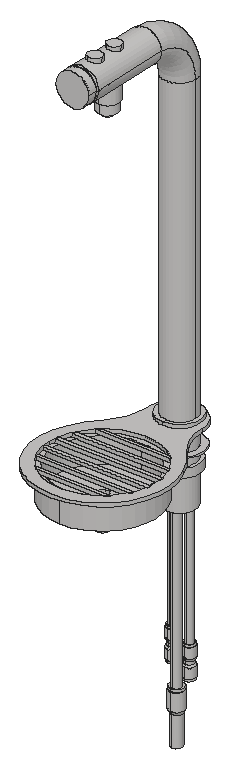
Revit family "QF_Marco_1000869_Friia-2B-305", category Specialty Equipment, Revit 2019
Family settings
  Round Connector Dimension = Use Diameter
  Part Type = Normal
  Work Plane-Based = No
  Always vertical = Yes
  Cut with Voids When Loaded = No
  Shared = No
  Room Calculation Point = No
Parameters
  Weight in Pounds = 0
  Waste Water Discharge Temperature = -459.67 °F
  URL Cutsheet = ""
  Specification by User = ""
  Specification by Manufacturer = ""
  Serial Number = ""
  Seismic Rating = ""
  SMACNA No = ""
  Revision Code = ""
  Plumbing Remarks = ""
  Plumbing Connection Type = ""
  NAFEM Spec ID Number = ""
  Model = "1000869"
  Masterspec = ""
  Manufacturer = "Marco"
  Length = 4.750"
  Item Number = ""
  Installed By = ""
  Indirect Waste Size = 0"
  Indirect Waste Flow = 0 GPM
  Indirect Waste Connection Type = ""
  Indirect Waste Connection Height = 0.000"
  Identify Quantity as Lot = yes
  Hot Water Temperature = -459.67 °F
  Hot Water Size = 0"
  Hot Water RI Height = 0.000"
  Hot Water Minimum Pressure = 0.00 psi
  Hot Water Maximum Pressure = 0.00 psi
  Hot Water Flow = 0 GPM
  Hot Water Consumption = 0 GPM
  Hot Water Connection Height = 0.000"
  Height = 13.386"
  Furnished By = ""
  Foodservice Equipment Identifier = yes
  Description = "Friia 2b 305"
  Depth = 5.433"
  Cold Water Temperature Recommended = -459.67 °F
  Cold Water Size = 0"
  Cold Water RI Height = 0.000"
  Cold Water Minimum Pressure = 0.00 psi
  Cold Water Maximum Pressure = 0.00 psi
  Cold Water Flow = 0 GPM
  Cold Water Consumption = ""
  Cold Water Connection Height = 0.000"
  CSI MasterFormat = ""
Reference planes (in)
  plane 1 "BACK": y = 0
  plane 2: z = 0
  plane 3 "LEFT": x = 0
  plane 4 "RIGHT": x = 4.75
  plane 5 "FRONT": y = -5.433
  plane 6 "TOP": z = 13.386
  plane 7 "Center Y": x = 2.375
  plane 8 "Center X": y = -2.7165
  plane 9: y = -5.76772
  plane 10: y = -1.90945
  plane 11: x = 0.44587
  plane 12: x = 4.30413
Forms (in)
  Extrusion 1, solid, material "QF_Metal - Stainless - Polished"
    sketch origin (0, 0, 0) x (1, 0, 0) y (0, 1, 0)
      loop
        arc (3.37894, -0.82677) -> (2.375, 0.17717) -> (1.37106, -0.82677) r 1.00394
        arc (1.37106, -0.82677) -> (1.24474, -1.52058) -> (0.88199, -2.12535) r 1.9685
        arc (0.88199, -2.12535) -> (0.54164, -2.5707) -> (0.26467, -3.058) r 4.13386
        arc (0.26467, -3.058) -> (2.375, -6.41732) -> (4.48533, -3.058) r 2.34252
        arc (4.48533, -3.058) -> (4.20836, -2.5707) -> (3.86801, -2.12535) r 4.13386
        arc (3.86801, -2.12535) -> (3.50526, -1.52058) -> (3.37894, -0.82677) r 1.9685
      loop
        circle (2.375, -4.0748) r 1.92913
    from 0 to 0.125
  Extrusion 2, solid, material "QF_Metal - Stainless - Polished"
    sketch origin (0, 0, 0) x (0, 1, 0) y (1, 0, 0)
      loop
        circle (-4.0748, 2.375) r 1.75
      loop
        circle (-4.0748, 2.375) r 1.92913
    from 0 to 1.02362
  Extrusion 3, solid, material "QF_Metal - Stainless - Polished"
    sketch origin (0, 0, 0) x (0, 1, 0) y (-1, 0, 0)
      loop
        line (-2.7165, -1.00512) -> (-2.7165, -3.74488)
        arc (-2.7165, -3.74488) -> (-2.65236, -3.67816) -> (-2.5915, -3.60844) r 1.92913
        line (-2.5915, -3.60844) -> (-2.5915, -1.14156)
        arc (-2.5915, -1.14156) -> (-2.65236, -1.07184) -> (-2.7165, -1.00512) r 1.92913
      loop
        arc (-5.43311, -1.00512) -> (-5.49724, -1.07184) -> (-5.55811, -1.14156) r 1.92913
        line (-5.55811, -1.14156) -> (-5.55811, -3.60844)
        arc (-5.55811, -3.60844) -> (-5.49724, -3.67816) -> (-5.43311, -3.74488) r 1.92913
        line (-5.43311, -3.74488) -> (-5.43311, -1.00512)
      loop
        line (-3.28733, -0.61391) -> (-3.28733, -4.13609)
        arc (-3.28733, -4.13609) -> (-3.22428, -4.10652) -> (-3.16233, -4.07469) r 1.92913
        line (-3.16233, -4.07469) -> (-3.16233, -0.67531)
        arc (-3.16233, -0.67531) -> (-3.22428, -0.64348) -> (-3.28733, -0.61391) r 1.92913
      loop
        line (-3.85816, -0.45807) -> (-3.85816, -4.29193)
        arc (-3.85816, -4.29193) -> (-3.79551, -4.28381) -> (-3.73316, -4.27364) r 1.92913
        line (-3.73316, -4.27364) -> (-3.73316, -0.47636)
        arc (-3.73316, -0.47636) -> (-3.79551, -0.46619) -> (-3.85816, -0.45807) r 1.92913
      loop
        arc (-4.86228, -0.61391) -> (-4.92533, -0.64348) -> (-4.98728, -0.67531) r 1.92913
        line (-4.98728, -0.67531) -> (-4.98728, -4.07469)
        arc (-4.98728, -4.07469) -> (-4.92533, -4.10652) -> (-4.86228, -4.13609) r 1.92913
        line (-4.86228, -4.13609) -> (-4.86228, -0.61391)
      loop
        arc (-4.29144, -0.45807) -> (-4.35409, -0.46619) -> (-4.41644, -0.47636) r 1.92913
        line (-4.41644, -0.47636) -> (-4.41644, -4.27364)
        arc (-4.41644, -4.27364) -> (-4.35409, -4.28381) -> (-4.29144, -4.29193) r 1.92913
        line (-4.29144, -4.29193) -> (-4.29144, -0.45807)
    from 0 to 0.125
  Extrusion 4, solid, material "QF_Metal - Stainless - Polished"
    sketch origin (0, 0, -1.02362) x (-1, 0, 0) y (0, 1, 0)
      loop
        circle (-2.375, -4.0748) r 1.75
      loop
        circle (-2.375, -4.0748) r 0.22688
    from 0 to -0.125
  Revolve 5, solid, material "QF_Metal - Stainless - Polished"
    sketch origin (2.375, 6.90541, 48) x (0, 1, 0) y (0, 0, 1)
      loop
        line (-7.49596, -48) -> (-8.07366, -48) -> (-8.07366, -48.7874) -> (-8.32273, -48.7874) -> (-8.32273, -48.82677) -> (-8.07366, -48.82677) -> (-8.07366, -49.22047) -> (-8.20462, -49.22047) -> (-8.20462, -49.53543) -> (-8.07866, -49.53543) -> (-8.07866, -50.71654) -> (-7.49596, -50.71654) -> (-7.49596, -48)
      loop
        line (-7.49596, -47.875) -> (-7.49596, -47.76378) -> (-8.24399, -47.76378) -> (-8.24399, -47.875) -> (-7.49596, -47.875)
      axis (-7.49596, -47.76378) -> (-7.49596, -50.71654)
    angle from 0 to 360
  Extrusion 6, solid, material "QF_Metal - Stainless - Polished"
    sketch origin (2.375, -0.59055, -2.71654) x (-1, 0, 0) y (0, 1, 0)
      loop
        circle (0.30173, 0.04483) r 0.10139
      loop
        circle (-0.30173, 0.04483) r 0.10139
    from 0 to 0.125
  Sweep 7, solid, material "QF_Metal - Stainless - Polished"
    path origin (4.75, 6.90541, 47.92605) x (0, 1, 0) y (0, 0, 1)
      loop
        arc (-9.07076, -35.1256) -> (-7.95721, -35.58685) -> (-7.49596, -36.7004) r 1.5748
        line (-7.49596, -36.7004) -> (-7.49596, -48)
    profile origin (4.75, -0.59055, 5.57585) x (1, 0, 0) y (0, 1, 0)
      loop
        circle (-2.375, 0) r 0.59055
  Extrusion 8, solid, material "QF_Metal - Stainless - Polished"
    sketch origin (4.75, -2.16535, 12.80045) x (0, 0, -1) y (1, 0, 0)
      loop
        circle (0, -2.375) r 0.59055
    from 0 to 2.83465
  Extrusion 9, solid, material "QF_Metal - Stainless - Polished"
    sketch origin (4.75, -5, 12.80045) x (0, 0, -1) y (1, 0, 0)
      loop
        circle (0, -2.375) r 0.59055
    from 0 to 0.11811
  Extrusion 10, solid, material "QF_Metal - Stainless - Polished"
    sketch origin (4.75, -5.11811, 12.80045) x (0, 0, -1) y (1, 0, 0)
      loop
        circle (0, -2.375) r 0.59055
    from 0 to 0.30989
  Revolve 11, solid, material "QF_Metal - Stainless - Polished"
    sketch origin (2.375, 6.90541, 47.92605) x (0, 1, 0) y (0, 0, 1)
      loop
        line (-10.74399, -36.59523) -> (-10.74399, -35.3697) -> (-11.13769, -35.3697) -> (-11.13769, -36.11505) -> (-11.09824, -36.11505) -> (-11.09824, -36.46105) -> (-10.92111, -36.46105) -> (-10.92111, -36.59523) -> (-10.74399, -36.59523)
      axis (-10.74399, -35.3697) -> (-10.74399, -36.59523)
    angle from 0 to 360
  Extrusion 12, solid, material "QF_Metal - Stainless - Polished"
    sketch origin (-38.39759, -180.00677, 13.386) x (-1, 0, 0) y (0, -1, 0)
      loop
        circle (-40.77259, -176.46137) r 0.25
    from -0.09829 to 0.09864
  Extrusion 13, solid, material "QF_Metal - Stainless - Polished"
    sketch origin (-38.39759, -180.87291, 13.386) x (-1, 0, 0) y (0, -1, 0)
      loop
        circle (-40.77259, -176.46137) r 0.25
    from -0.09829 to 0.09864
  Extrusion 14, solid, material "QF_Metal - Stainless - Polished"
    sketch origin (0, 0, -1.02362) x (-1, 0, 0) y (0, 1, 0)
      loop
        circle (-2.375, -4.0748) r 0.22688
    from 0 to 1
  Revolve 15, solid, material "QF_Metal - Stainless - Polished"
    sketch origin (2.07327, -180, -2.84154) x (0, 0, 1) y (0, -1, 0)
      loop
        line (-5.1099, -179.47462) -> (0.125, -179.47462) -> (0.125, -179.34962) -> (-3.9402, -179.34962) -> (-3.9402, -179.27974) -> (-3.99138, -179.27974) -> (-3.99138, -179.326) -> (-4.02504, -179.326) -> (-4.02504, -179.26104) -> (-4.3746, -179.26104) -> (-4.47078, -179.3132) -> (-4.57933, -179.3132) -> (-4.6755, -179.26104) -> (-5.02506, -179.26104) -> (-5.02506, -179.326) -> (-5.05872, -179.326) -> (-5.05872, -179.27974) -> (-5.1099, -179.27974) -> (-5.1099, -179.47462)
      axis (-5.1099, -179.47462) -> (0.125, -179.47462)
    angle from 0 to 360
  Revolve 16, solid, material "QF_Metal - Stainless - Polished"
    sketch origin (2.67673, 0, 0) x (0, 1, 0) y (0, 0, 1)
      loop
        line (-0.52538, -8.32644) -> (-0.52538, -2.71654) -> (-0.65038, -2.71654) -> (-0.65038, -7.15674) -> (-0.72026, -7.15674) -> (-0.72026, -7.20792) -> (-0.674, -7.20792) -> (-0.674, -7.24158) -> (-0.73896, -7.24158) -> (-0.73896, -7.59113) -> (-0.6868, -7.68731) -> (-0.6868, -7.79586) -> (-0.73896, -7.89204) -> (-0.73896, -8.24159) -> (-0.674, -8.24159) -> (-0.674, -8.27526) -> (-0.72026, -8.27526) -> (-0.72026, -8.32644) -> (-0.52538, -8.32644)
      axis (-0.52538, -8.32644) -> (-0.52538, -2.71654)
    angle from 0 to 360
  Revolve 17, solid, material "QF_Metal - Stainless - Polished"
    sketch origin (2.375, 6.90541, 48) x (0, 1, 0) y (0, 0, 1)
      loop
        line (-7.89739, -56.70047) -> (-7.89739, -57.31058) -> (-7.82849, -57.42976) -> (-7.82849, -58.51152) -> (-7.63164, -58.51152) -> (-7.63164, -50.79532) -> (-7.78912, -50.79532) -> (-7.78912, -56.59417) -> (-7.88754, -56.59417) -> (-7.88754, -56.65717) -> (-7.81274, -56.65717) -> (-7.81274, -56.70047) -> (-7.89739, -56.70047)
      axis (-7.63164, -58.51152) -> (-7.63164, -50.79532)
    angle from 0 to 360
  Revolve 18, solid, material "QF_Metal - Stainless - Polished", not visible
    sketch origin (2.07327, -180, -2.84154) x (0, 0, 1) y (0, -1, 0)
      loop
        line (-5.1099, -179.47462) -> (0.125, -179.47462) -> (0.125, -179.34962) -> (-3.9402, -179.34962) -> (-3.9402, -179.27974) -> (-3.99138, -179.27974) -> (-3.99138, -179.326) -> (-4.02504, -179.326) -> (-4.02504, -179.26104) -> (-4.3746, -179.26104) -> (-4.47078, -179.3132) -> (-4.57933, -179.3132) -> (-4.6755, -179.26104) -> (-5.02506, -179.26104) -> (-5.02506, -179.326) -> (-5.05872, -179.326) -> (-5.05872, -179.27974) -> (-5.1099, -179.27974) -> (-5.1099, -179.47462)
      axis (-5.1099, -179.47462) -> (0.125, -179.47462)
    angle from 0 to 360
  Revolve 19, solid, material "QF_Metal - Stainless - Polished", not visible
    sketch origin (2.67673, 0, 0) x (0, 1, 0) y (0, 0, 1)
      loop
        line (-0.52538, -8.32644) -> (-0.52538, -2.71654) -> (-0.65038, -2.71654) -> (-0.65038, -7.15674) -> (-0.72026, -7.15674) -> (-0.72026, -7.20792) -> (-0.674, -7.20792) -> (-0.674, -7.24158) -> (-0.73896, -7.24158) -> (-0.73896, -7.59113) -> (-0.6868, -7.68731) -> (-0.6868, -7.79586) -> (-0.73896, -7.89204) -> (-0.73896, -8.24159) -> (-0.674, -8.24159) -> (-0.674, -8.27526) -> (-0.72026, -8.27526) -> (-0.72026, -8.32644) -> (-0.52538, -8.32644)
      axis (-0.52538, -8.32644) -> (-0.52538, -2.71654)
    angle from 0 to 360
  Revolve 20, solid, material "QF_Metal - Stainless - Polished", not visible
    sketch origin (2.375, 6.90541, 48) x (0, 1, 0) y (0, 0, 1)
      loop
        line (-7.89739, -56.70047) -> (-7.89739, -57.31058) -> (-7.82849, -57.42976) -> (-7.82849, -58.51152) -> (-7.63164, -58.51152) -> (-7.63164, -50.79532) -> (-7.78912, -50.79532) -> (-7.78912, -56.59417) -> (-7.88754, -56.59417) -> (-7.88754, -56.65717) -> (-7.81274, -56.65717) -> (-7.81274, -56.70047) -> (-7.89739, -56.70047)
      axis (-7.63164, -58.51152) -> (-7.63164, -50.79532)
    angle from 0 to 360
Cuts and joins
  joined: Extrusion 1, Revolve 5, Sweep 7
  joined: Extrusion 8, Revolve 11, Extrusion 12, Extrusion 13
Lines and regions (in)
  symbolic lines
    curve 1: arc (1.37106, -0.82677, 0) -> (1.24474, -1.52058, 0) -> (0.88199, -2.12535, 0) r 1.9685
    curve 2: arc (0.88199, -2.12535, 0) -> (0.54164, -2.5707, 0) -> (0.26467, -3.058, 0) r 4.13386
    curve 3: arc (0.26467, -3.058, 0) -> (2.375, -6.41732, 0) -> (4.48533, -3.058, 0) r 2.34252
    curve 4: arc (4.48533, -3.058, 0) -> (4.20836, -2.5707, 0) -> (3.86801, -2.12535, 0) r 4.13386
    curve 5: arc (3.86801, -2.12535, 0) -> (3.50526, -1.52058, 0) -> (3.37894, -0.82677, 0) r 1.9685
    curve 6: arc (3.37894, -0.82677, 0) -> (2.375, 0.17717, 0) -> (1.37106, -0.82677, 0) r 1.00394
    curve 7: arc (0.44587, -4.0748, 0) -> (2.375, -2.14567, 0) -> (4.30413, -4.0748, 0) r 1.92913
    curve 8: arc (4.30413, -4.0748, 0) -> (2.375, -6.00394, 0) -> (0.44587, -4.0748, 0) r 1.92913
    curve 9: arc (2.125, -3.53863, 0) -> (2.375, -3.78863, 0) -> (2.625, -3.53863, 0) r 0.25
    curve 10: arc (2.625, -3.53863, 0) -> (2.375, -3.28863, 0) -> (2.125, -3.53863, 0) r 0.25
    curve 11: line (3.74488, -5.43311, 0) -> (1.00512, -5.43311, 0)
    curve 12: line (3.60844, -5.55811, 0) -> (1.14156, -5.55811, 0)
    curve 13: line (2.96334, -5.43311, 0) -> (2.96334, -0.6416, 0)
    curve 14: line (1.79116, -5.43311, 0) -> (1.79116, -0.50174, 0)
    curve 15: arc (2.96334, -0.6416, 0) -> (2.37725, -0.05551, 0) -> (1.79116, -0.6416, 0) r 0.58609
    curve 16: line (1.14156, -2.5915, 0) -> (1.79116, -2.5915, 0)
    curve 17: line (1.00512, -2.7165, 0) -> (1.79116, -2.7165, 0)
    curve 18: line (0.67531, -3.16233, 0) -> (1.79116, -3.16233, 0)
    curve 19: line (0.61391, -3.28733, 0) -> (1.79116, -3.28733, 0)
    curve 20: line (0.47636, -3.73316, 0) -> (1.79116, -3.73316, 0)
    curve 21: line (0.45807, -3.85816, 0) -> (1.79116, -3.85816, 0)
    curve 22: line (0.45807, -4.29144, 0) -> (1.79116, -4.29144, 0)
    curve 23: line (0.47636, -4.41644, 0) -> (1.79116, -4.41644, 0)
    curve 24: line (0.61391, -4.86228, 0) -> (1.79116, -4.86228, 0)
    curve 25: line (0.67531, -4.98728, 0) -> (1.79116, -4.98728, 0)
    curve 26: line (3.60844, -2.5915, 0) -> (2.96334, -2.5915, 0)
    curve 27: line (3.74488, -2.7165, 0) -> (2.96334, -2.7165, 0)
    curve 28: line (4.07469, -3.16233, 0) -> (2.96334, -3.16233, 0)
    curve 29: line (4.13609, -3.28733, 0) -> (2.96334, -3.28733, 0)
    curve 30: line (4.27364, -3.73316, 0) -> (2.96334, -3.73316, 0)
    curve 31: line (4.29193, -3.85816, 0) -> (2.96334, -3.85816, 0)
    curve 32: line (4.29193, -4.29144, 0) -> (2.96334, -4.29144, 0)
    curve 33: line (4.27364, -4.41644, 0) -> (2.96334, -4.41644, 0)
    curve 34: line (4.13609, -4.86228, 0) -> (2.96334, -4.86228, 0)
    curve 35: line (4.07469, -4.98728, 0) -> (2.96334, -4.98728, 0)
    curve 36: line (2.96334, -5, 0) -> (1.79116, -5, 0)
    curve 37: line (2.96334, -5.11811, 0) -> (1.79116, -5.11811, 0)
    curve 38: arc (2.125, -4.41154, 0) -> (2.375, -4.66154, 0) -> (2.625, -4.41154, 0) r 0.25
    curve 39: arc (2.625, -4.41154, 0) -> (2.375, -4.16154, 0) -> (2.125, -4.41154, 0) r 0.25
Dimensions and locks (in)
  equal spacing: plane 3 "LEFT", plane 7 "Center Y", plane 4 "RIGHT"
  "Length": plane 3 "LEFT" to plane 4 "RIGHT"
  equal spacing: plane 5 "FRONT", plane 8 "Center X", plane 1 "BACK"
  "Depth": plane 5 "FRONT" to plane 1 "BACK"
  "Height": plane 6 "TOP" to level
  plane 6 "TOP" to level = 13.386"
  aligned and locked: level to plane 2
Automatic sketch dimensions
  curve 3 to curve 7 = 0.000"
  curve 3 to curve 8 = 0.000"
  curve 17 to plane 8 "Center X" = 0.000"
  curve 8 to plane 7 "Center Y" = 0.000"
  curve 9 to plane 7 "Center Y" = 0.000"
  curve 6 to plane 7 "Center Y" = 0.000"
  curve 27 to plane 8 "Center X" = 0.000"
  curve 4 to plane 11 = 0.31535"
  curve 1 to plane 3 "LEFT" = 0.59744"
  plane 7 "Center Y" to curve 15 = 0.00225"
  curve 15 to curve 13 = 0.58609"
  plane 12 to curve 2 = 0.31535"
  curve 5 to plane 4 "RIGHT" = 0.59744"
  curve 10 to plane 8 "Center X" = 0.82213"
  curve 3 to curve 9 = 0.53617"
  curve 4 to plane 5 "FRONT" = 0.58064"
  curve 2 to plane 5 "FRONT" = 0.58064"
  plane 1 "BACK" to curve 6 = 0.82677"
  curve 6 to curve 15 = 0.18517"
  curve 9 to plane 7 "Center Y" = 0.250"
  curve 1 to curve 15 = 0.4201"
  curve 6 to curve 1 = 0.000"
  plane 8 "Center X" to curve 16 = 0.125"
  curve 1 to curve 16 = 0.25958"
  plane 5 "FRONT" to curve 12 = 0.12511"
  plane 5 "FRONT" to curve 11 = 0.00011"
  curve 2 to curve 1 = 0.000"
  curve 18 to plane 11 = 0.22944"
  curve 25 to curve 4 = 0.08591"
  curve 19 to curve 18 = 0.0614"
  curve 24 to curve 25 = 0.0614"
  curve 23 to plane 11 = 0.03049"
  curve 20 to plane 11 = 0.03049"
  curve 22 to plane 11 = 0.0122"
  curve 21 to plane 11 = 0.0122"
  curve 3 to curve 2 = 0.000"
  curve 5 to curve 6 = 0.000"
  plane 8 "Center X" to curve 26 = 0.125"
  curve 4 to curve 5 = 0.000"
  curve 2 to curve 35 = 0.08591"
  plane 12 to curve 28 = 0.22944"
  curve 35 to curve 34 = 0.0614"
  curve 28 to curve 29 = 0.0614"
  plane 12 to curve 33 = 0.03049"
  plane 12 to curve 30 = 0.03049"
  plane 12 to curve 31 = 0.0122"
  plane 12 to curve 32 = 0.0122"
  curve 36 to curve 25 = 0.01272"
  curve 37 to curve 36 = 0.11811"
  curve 15 to curve 14 = 0.13986"
  Extrusion 1 sketch curve to Extrusion 1 sketch curve = 0.000"  (x7)
  Extrusion 1 sketch curve to plane 7 "Center Y" = 0.000"  (x2)
  Extrusion 1 sketch curve to plane 11 = 0.31535"
  Extrusion 1 sketch curve to plane 3 "LEFT" = 0.59744"
  plane 12 to Extrusion 1 sketch curve = 0.31535"
  Extrusion 1 sketch curve to plane 4 "RIGHT" = 0.59744"
  Extrusion 1 sketch curve to plane 5 "FRONT" = 0.58064"  (x2)
  Extrusion 1 sketch curve to Extrusion 1 sketch curve = 0.77756"
  plane 1 "BACK" to Extrusion 1 sketch curve = 0.82677"
  Extrusion 1 sketch curve to plane 11 = 0.9252"
  Extrusion 3 sketch curve to Extrusion 3 sketch curve = 0.21664"
  Extrusion 3 sketch curve to Extrusion 3 sketch curve = 0.125"  (x6)
  Extrusion 3 sketch curve to Extrusion 3 sketch curve = 0.44583"  (x4)
  Extrusion 3 sketch curve to Extrusion 3 sketch curve = 0.43328"
  Revolve 5 sketch curve to level = 0.000"
  plane 8 "Center X" to Revolve 5 sketch curve = 1.29918"
  level to Revolve 5 sketch curve = 0.23622"
  Revolve 5 sketch curve to Revolve 5 sketch curve = 0.07874"
  Revolve 5 sketch curve to Revolve 5 sketch curve = 0.11811"
  Revolve 5 sketch curve to Revolve 5 sketch curve = 0.12596"
  Revolve 5 sketch curve to Revolve 5 sketch curve = 0.17033"
  Revolve 5 sketch curve to Revolve 5 sketch curve = 0.000"  (x3)
  Revolve 5 sketch curve to Revolve 5 sketch curve = 0.5827"
  Revolve 5 sketch curve to Revolve 5 sketch curve = 0.7874"
  Revolve 5 sketch curve to Revolve 5 sketch curve = 0.03937"
  Revolve 5 sketch curve to Revolve 5 sketch curve = 0.3937"
  Revolve 5 sketch curve to Revolve 5 sketch curve = 0.31496"
  Revolve 5 sketch curve to Revolve 5 sketch curve = 1.1811"
  Revolve 5 sketch curve to Revolve 5 sketch curve = 0.11122"
  Revolve 5 sketch curve to Revolve 5 sketch curve = 0.05296"
  Revolve 5 sketch curve to Revolve 5 sketch curve = 0.05585"
  Extrusion 6 sketch curve to Revolve 5 = 0.30173"
  Revolve 5 to Extrusion 6 sketch curve = 0.30173"
  Extrusion 6 sketch curve to Extrusion 6 sketch curve = 0.000"
  plane 8 "Center X" to Sweep 7 sketch curve = 0.55115"
  plane 1 "BACK" to Sweep 7 sketch curve = 0.59055"
  Sweep 7 sketch curve to plane 6 "TOP" = 2.16035"
  Sweep 7 sketch curve to level = 0.07395"
  profile plane to Sweep 7 sketch curve = 0.000"
  Sweep 7 sketch curve to profile plane = 2.375"
  Extrusion 12 sketch curve to plane 7 "Center Y" = 0.000"
  Extrusion 12 sketch curve to plane 8 "Center X" = 0.8289"
  Extrusion 13 sketch curve to plane 7 "Center Y" = 0.000"
  Extrusion 13 sketch curve to plane 5 "FRONT" = 1.02146"
  Revolve 11 sketch curve to plane 5 "FRONT" = 1.20072"
  Revolve 11 sketch curve to Revolve 11 sketch curve = 0.03945"
  Revolve 11 sketch curve to Revolve 11 sketch curve = 0.3937"
  Revolve 11 sketch curve to plane 6 "TOP" = 1.921"
  Revolve 11 sketch curve to Revolve 11 sketch curve = 0.346"
  Revolve 11 sketch curve to Revolve 11 sketch curve = 0.74535"
  Revolve 11 sketch curve to Revolve 11 sketch curve = 0.17712"
  Revolve 11 sketch curve to Revolve 11 sketch curve = 0.000"
  Revolve 11 sketch curve to Revolve 11 sketch curve = 0.2557"
  Revolve 11 sketch curve to Revolve 11 sketch curve = 0.250"
  Revolve 11 sketch curve to Revolve 11 sketch curve = 0.13419"
  curve 39 to plane 7 "Center Y" = 0.000"
  curve 39 to curve 3 = 0.33674"
  curve 38 to plane 7 "Center Y" = 0.250"
  Revolve 16 sketch curve to Revolve 16 sketch curve = 0.000"
  Revolve 16 sketch curve to Revolve 16 sketch curve = 0.0187"  (x2)
  Revolve 16 sketch curve to Revolve 16 sketch curve = 0.05217"
  Revolve 16 sketch curve to Revolve 16 sketch curve = 0.04626"  (x2)
  Revolve 16 sketch curve to Revolve 16 sketch curve = 0.125"  (x2)
  Revolve 16 sketch curve to Revolve 16 sketch curve = 0.05118"  (x2)
  Revolve 16 sketch curve to Revolve 16 sketch curve = 0.03366"  (x2)
  Revolve 16 sketch curve to Revolve 16 sketch curve = 0.34955"  (x2)
  Revolve 16 sketch curve to Revolve 16 sketch curve = 0.09618"  (x2)
  Revolve 16 sketch curve to Revolve 16 sketch curve = 0.10855"
  Revolve 16 sketch curve to Revolve 16 sketch curve = 0.05845"
  Revolve 16 sketch curve to Revolve 16 sketch curve = 0.08175"
  Revolve 15 sketch curve to Revolve 15 sketch curve = 0.05118"  (x2)
  Revolve 15 sketch curve to Revolve 15 sketch curve = 0.03366"  (x2)
  Revolve 15 sketch curve to Revolve 15 sketch curve = 0.34955"  (x2)
  Revolve 15 sketch curve to Revolve 15 sketch curve = 0.09618"  (x2)
  Revolve 15 sketch curve to Revolve 15 sketch curve = 0.10855"
  Revolve 15 sketch curve to Revolve 15 sketch curve = 0.125"  (x2)
  Revolve 15 sketch curve to Revolve 15 sketch curve = 0.04626"  (x2)
  Revolve 15 sketch curve to Revolve 15 sketch curve = 0.02362"
  Revolve 15 sketch curve to Revolve 15 sketch curve = 0.0187"  (x2)
  Revolve 15 sketch curve to Revolve 15 sketch curve = 0.05845"
  Revolve 15 sketch curve to Revolve 15 sketch curve = 0.08175"
  Revolve 17 sketch curve to Revolve 17 sketch curve = 0.00984"
  Revolve 17 sketch curve to Revolve 17 sketch curve = 0.08465"
  Revolve 17 sketch curve to Revolve 17 sketch curve = 0.02362"
  Revolve 17 sketch curve to Revolve 17 sketch curve = 0.19685"
  Revolve 17 sketch curve to Revolve 17 sketch curve = 1.08177"
  Revolve 17 sketch curve to Revolve 17 sketch curve = 0.11917"
  Revolve 17 sketch curve to Revolve 17 sketch curve = 0.61011"
  Revolve 17 sketch curve to Revolve 17 sketch curve = 0.04331"
  Revolve 17 sketch curve to Revolve 17 sketch curve = 0.06299"
  Revolve 17 sketch curve to Revolve 17 sketch curve = 0.000"
  Revolve 17 sketch curve to Revolve 17 sketch curve = 0.35185"
  Revolve 17 sketch curve to Revolve 17 sketch curve = 0.17519"
  Revolve 15 sketch curve to Revolve 15 sketch curve = 3.92501"
  Revolve 15 sketch curve to Revolve 15 sketch curve = 0.14862"
  Revolve 15 sketch curve to Revolve 15 sketch curve = 0.05217"
  Revolve 16 sketch curve to Revolve 16 sketch curve = 0.06988"
  Revolve 16 sketch curve to Revolve 16 sketch curve = 4.30001"
  Revolve 17 sketch curve to Revolve 17 sketch curve = 0.0689"
  Revolve 17 sketch curve to Revolve 17 sketch curve = 5.79886"
  Revolve 19 sketch curve to Revolve 19 sketch curve = 0.000"
  Revolve 19 sketch curve to Revolve 19 sketch curve = 0.0187"  (x2)
  Revolve 19 sketch curve to Revolve 19 sketch curve = 0.05217"
  Revolve 19 sketch curve to Revolve 19 sketch curve = 0.04626"  (x2)
  Revolve 19 sketch curve to Revolve 19 sketch curve = 0.125"  (x2)
  Revolve 19 sketch curve to Revolve 19 sketch curve = 0.05118"  (x2)
  Revolve 19 sketch curve to Revolve 19 sketch curve = 0.03366"  (x2)
  Revolve 19 sketch curve to Revolve 19 sketch curve = 0.34955"  (x2)
  Revolve 19 sketch curve to Revolve 19 sketch curve = 0.09618"  (x2)
  Revolve 19 sketch curve to Revolve 19 sketch curve = 0.10855"
  Revolve 19 sketch curve to Revolve 19 sketch curve = 0.05845"
  Revolve 19 sketch curve to Revolve 19 sketch curve = 0.08175"
  Revolve 18 sketch curve to Revolve 18 sketch curve = 0.05118"  (x2)
  Revolve 18 sketch curve to Revolve 18 sketch curve = 0.03366"  (x2)
  Revolve 18 sketch curve to Revolve 18 sketch curve = 0.34955"  (x2)
  Revolve 18 sketch curve to Revolve 18 sketch curve = 0.09618"  (x2)
  Revolve 18 sketch curve to Revolve 18 sketch curve = 0.10855"
  Revolve 18 sketch curve to Revolve 18 sketch curve = 0.125"  (x2)
  Revolve 18 sketch curve to Revolve 18 sketch curve = 0.04626"  (x2)
  Revolve 18 sketch curve to Revolve 18 sketch curve = 0.02362"
  Revolve 18 sketch curve to Revolve 18 sketch curve = 0.0187"  (x2)
  Revolve 18 sketch curve to Revolve 18 sketch curve = 0.05845"
  Revolve 18 sketch curve to Revolve 18 sketch curve = 0.08175"
  Revolve 20 sketch curve to Revolve 20 sketch curve = 0.00984"
  Revolve 20 sketch curve to Revolve 20 sketch curve = 0.08465"
  Revolve 20 sketch curve to Revolve 20 sketch curve = 0.02362"
  Revolve 20 sketch curve to Revolve 20 sketch curve = 0.19685"
  Revolve 20 sketch curve to Revolve 20 sketch curve = 1.08177"
  Revolve 20 sketch curve to Revolve 20 sketch curve = 0.11917"
  Revolve 20 sketch curve to Revolve 20 sketch curve = 0.61011"
  Revolve 20 sketch curve to Revolve 20 sketch curve = 0.04331"
  Revolve 20 sketch curve to Revolve 20 sketch curve = 0.06299"
  Revolve 20 sketch curve to Revolve 20 sketch curve = 0.000"
  Revolve 20 sketch curve to Revolve 20 sketch curve = 0.35185"
  Revolve 20 sketch curve to Revolve 20 sketch curve = 0.17519"
  Revolve 18 sketch curve to Revolve 18 sketch curve = 3.92501"
  Revolve 18 sketch curve to Revolve 18 sketch curve = 0.14862"
  Revolve 18 sketch curve to Revolve 18 sketch curve = 0.05217"
  Revolve 19 sketch curve to Revolve 19 sketch curve = 0.06988"
  Revolve 19 sketch curve to Revolve 19 sketch curve = 4.30001"
  Revolve 20 sketch curve to Revolve 20 sketch curve = 0.0689"
  Revolve 20 sketch curve to Revolve 20 sketch curve = 5.79886"
  radius of Extrusion 1 sketch curve = 1.92913"
  radius of Extrusion 2 sketch curve to Extrusion 1 = 0.17913"
  radius of Extrusion 2 sketch curve to Extrusion 1 = 0.000"
  radius of Extrusion 3 sketch curve to Extrusion 2 = 0.000"  (x12)
  radius of Extrusion 4 sketch curve to Extrusion 2 = 0.000"
  radius of Extrusion 4 sketch curve to Extrusion 2 = 1.52312"
  radius of Extrusion 6 sketch curve = 0.10139"  (x2)
  radius of Sweep 7 sketch curve = 0.59055"
  radius of Extrusion 8 sketch curve to Sweep 7 = 0.000"
  radius of Extrusion 9 sketch curve to Extrusion 8 = 0.000"
  radius of Extrusion 12 sketch curve = 0.250"
  radius of Extrusion 13 sketch curve = 0.250"
  radius of Extrusion 10 sketch curve to Extrusion 9 = 0.000"
  radius of Extrusion 14 sketch curve to Extrusion 2 = 1.52312"
Connectors (in)
  piping at (2.07327, -0.54572, -2.84154), diameter 0.25
    settings: on Extrusion 6, index 1, connector inside diameter 24", connector length 0.000", flow factor 0, pipe flow 0 GPM, pressure drop 0.00 psi, fitting loss kfactor 0, connector angle 0.00°, fixture units 0, engagement length 0.000", angle of deflection 0.00°, flow configuration 1, flow direction 1, fitting loss method 0, system type 19, joint type 0, gender type 0, connector reference index -1, connector utility 0, adjustable connector no, is connector primary yes, connector description "HOT WATER INLET"
  electrical at (2.67673, -0.54572, -2.84154)
    settings: on Extrusion 6, index 2, voltage 0 V, apparent load 0 VA, apparent load phase1 0 VA, apparent load phase2 0 VA, apparent load phase3 0 VA, power factor 1, load classification "Other", number of poles 1, system type 30, power factor state 1, is connector primary yes, connector utility no, sub classification motor no, connector description "ELECTRICAL CONNECTION"
  piping at (2.375, -4.0748, -1.02362), diameter 0.25
    settings: on Extrusion 4, index 3, connector inside diameter 24", connector length 0.000", flow factor 0, pipe flow 0 GPM, pressure drop 0.00 psi, fitting loss kfactor 0, connector angle 0.00°, fixture units 0, engagement length 0.000", angle of deflection 0.00°, flow configuration 1, flow direction 2, fitting loss method 0, system type 16, joint type 0, gender type 0, connector reference index -1, connector utility 0, adjustable connector no, is connector primary no, connector description "DRAIN"
